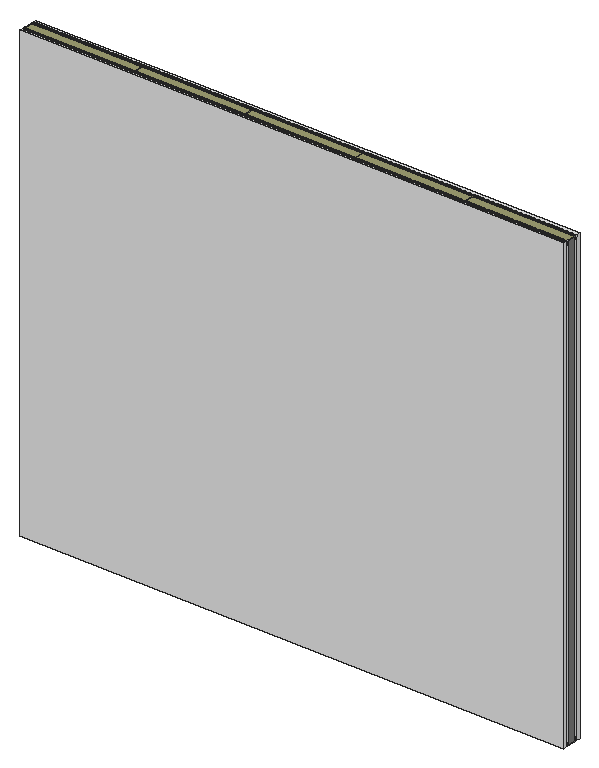
Revit family "Wall system Plasterboard - Rigislab (STC 44_Uvalue 0.56)", category Structural Stiffeners, Revit 2020
Family settings
  OmniClass Number = 23.25.30.11.27
  OmniClass Title = Vibration and Earthquake Controls
  Cut with Voids When Loaded = No
  Shared = No
Parameters (values of type "STC 44(Plasterboard)")
  U-Value (W/m2k) = "0.56"
  U Value Report = ""
  Type of Insulation = "Glass Mineral Wool Semi-rigid slab"
  Total System Thickness-mm = 96 mm
  Thermal R Value = 1.4
  Thermal K Value = 0.348
  System Description = "1. Gypsum Plasterboard-16mm\r\n2. Ecowool Rigislab 50mm x 20kg/m3\r\n3. Stud 64mm\r\n4. Gypsum Plasterboard-16mm"
  Sustainability - Same documentation for all selection = ""
  SubW [instance] = roundup([built-in parameter 1001306] / 609 mm) * 609 mm  # 3045 mm
  SubL [instance] = if([built-in parameter 1001306] > 1218 mm, No Insulation * 609 mm, if([built-in parameter 1001306] > 609 mm, 609 mm, if([built-in parameter 1001306] > 0 mm, 0 mm, No Insulation * 609 mm))) + 1 mm  # 2437 mm
  STC in dB = 44
  STC Report = ""
  STC No = "44"
  Remarks = "Recommended for drywall partition applications where some acoustic performance\r\nare required. Such as office & commercial environment"
  No Metal Stud [instance] = ([built-in parameter 1001306] / [Metal Stud Spacer (mm)])  # 5
  No Insulation [instance] = roundup(SubW / 609 mm) - 1  # 4
  Metal Stud Width = 64 mm
  Metal Stud Spacer (mm) = 609 mm
  Material Specification = "Ecowool Brownie RigiSlab"
  Manufacturer = "PGF Insulation Sdn. Bhd."
  MSDS = ""
  built-in parameter 1001306 [instance] = 3000 mm
  Insulation Length (mm) = 609 mm
  Insulation Thickness (mm) = 50 mm
  Installation and Workmanship- Same for all the system = ""
  Height Wall (mm) = 2500 mm
  Handling and Storage- Same for all system = ""
  Gypsum Thickness (mm) = 16 mm
  Finish = BROWNIE RigiSlab
  FAQ- Same for all System = ""
  ECOWOOL Product thickness in mm = "50"
  Description = "Ecowool Rigislab is semi-rigid or rigid slabs of non-combustible, water repellent, glass mineral wool. They are designed to suit standard dry wall, ensuring a closed joint with adjacent slabs."
  Density = 20.00 kg/m³
  Board Material = Plaster Board
  Board 2 = yes
  Board 1 = yes
  AutoCad Drawing = ""
Reference planes
  plane 1 "Center (Front/Back)": y = -12.5
  plane 2: z = 0
  plane 3 "Left": x = 0
  plane 4 "Right": x = 3000
  plane 5: z = 2500
  plane 6: x = 2437
  plane 7: x = 3046
Forms (mm)
  Extrusion 1, solid, material "BROWNIE RigiSlab" <- "Finish"
    sketch origin (0, 0, 0) x (1, 0, 0) y (0, 1, 0)
      loop
        line (2437, 12.5) -> (2437, -37.5) -> (3046, -37.5) -> (3046, 12.5) -> (2437, 12.5)
    from 0 to 2500
  Extrusion 2, void
    sketch origin (0, 0, 0) x (1, 0, 0) y (0, 1, 0)
      loop
        line (2999, 12.5) -> (2999, -37.5) -> (3046, -37.5) -> (3046, 12.5) -> (2999, 12.5)
    from -45.694 to 2779.923
Cuts and joins
  Extrusion 2 cuts Extrusion 1
Lines and regions (mm)
  reference lines
    curve 1: line (0, -12.5, 0) -> (3000, -12.5, 0)
Dimensions and locks
  "built-in parameter 1001306": plane 3 "Left" to plane 4 "Right"
  "Height Wall (mm)": plane 5 to level
  equal spacing: group 1, group 2, group 3, group 4, group 5  (x3)
  "Metal Stud Spacer (mm)": plane 3 "Left" to nested 3
  "SubL": plane 3 "Left" to plane 6
  locked: plane 6 to plane 7 at 609
  equal spacing: Extrusion 1 sketch curve, plane 1 "Center (Front/Back)", Extrusion 1 sketch curve
  "Insulation Thickness (mm)": Extrusion 1 sketch curve to Extrusion 1 sketch curve
  equal spacing: Extrusion 1, plane 1 "Center (Front/Back)", Extrusion 2 sketch curve
  "Insulation Thickness (mm)": Extrusion 2 sketch curve to Extrusion 2 sketch curve
  locked: Extrusion 2 sketch curve to plane 4 "Right" at 1
  plane 4 "Right" to plane 7 = 46 mm
  plane 6 to plane 4 "Right" = 563 mm
  equal spacing: group 6, group 7, group 8, group 9  (x3)
  equal spacing: Extrusion 2 sketch curve, Extrusion 2 sketch curve, nested 1
  aligned and locked: plane 4 "Right" to curve 1
  aligned and locked: plane 1 "Center (Front/Back)" to curve 1
  aligned and locked: plane 3 "Left" to curve 1
  aligned and locked: plane 3 "Left" to nested 1
  aligned and locked: plane 4 "Right" to nested 1
  aligned and locked: plane 5 to nested 2
  aligned and locked: plane 3 "Left" to nested 6
  aligned and locked: nested 8 to plane 4 "Right"
  aligned and locked: plane 1 "Center (Front/Back)" to nested 1
  aligned and locked: plane 1 "Center (Front/Back)" to nested 2
  aligned and locked: plane 1 "Center (Front/Back)" to nested 6
  aligned and locked: nested 8 to plane 1 "Center (Front/Back)"
  aligned and locked: nested 2 to nested 10
  aligned and locked: plane 1 "Center (Front/Back)" to nested 10
  aligned and locked: plane 7 to Extrusion 1 sketch curve
  aligned and locked: Extrusion 1 sketch curve to plane 6
  aligned and locked: plane 5 to Extrusion 1
  aligned and locked: Extrusion 1 to level
Automatic sketch dimensions
  Extrusion 2 sketch curve to plane 7 = 0 mm
Nested families
  nested 1: "Gypsum Plasterboard" at (0, -12.5, 0), type "Gypsum Plasterboard"
    with built-in parameter 1001306 3000 mm
  nested 2: "Metal Stud" at (0, -12.5, 0), type "Metal Stud"
    with Metal Stud Width 64 mm
  nested 3: "Metal Stud" at (609, -12.5, 0), type "Metal Stud"
    with Metal Stud Width 64 mm
  nested 4: "Metal Stud" at (1218, -12.5, 0), type "Metal Stud"
    with Metal Stud Width 64 mm
  nested 5: "Metal Stud" at (1827, -12.5, 0), type "Metal Stud"
    with Metal Stud Width 64 mm
  nested 6: "Metal Runner" at (0, -12.5, 0), type "Metal Runner"
    with Metal Runner Width 50 mm, Length Metal Runner 3000 mm
  nested 7: "Metal Runner" at (0, -12.5, 2500) x (1, 0, 0) z (0, 0, -1), type "Metal Runner"
    with Metal Runner Width 50 mm, Length Metal Runner 3000 mm
  nested 8: "Metal Stud" at (3000, -12.5, 0) x (-1, 0, 0) z (0, 0, 1), type "Metal Stud"
    with Metal Stud Width 64 mm
  nested 9: "Metal Stud" at (2436, -12.5, 0), type "Metal Stud"
    with Metal Stud Width 64 mm
  nested 10: "Insulation Brownie" at (1, -12.5, 0), type "Insulation Brownie"
    with Thickness Insulation 50 mm
  nested 11: "Insulation Brownie" at (610, -12.5, 0), type "Insulation Brownie"
    with Thickness Insulation 50 mm
  nested 12: "Insulation Brownie" at (1219, -12.5, 0), type "Insulation Brownie"
    with Thickness Insulation 50 mm
  nested 13: "Insulation Brownie" at (1828, -12.5, 0), type "Insulation Brownie"
    with Thickness Insulation 50 mm
Definition of nested family "Gypsum Plasterboard"
  Parameters (values of type "Gypsum Plasterboard")
    Platerboard (inner Layer) = 16 mm
    Manufacturer = "Rockwool"
    built-in parameter 1001306 [instance] = 1200 mm
    Insulation Width = 55 mm
    Height Wall = 2500 mm
    Gypsum Thickness = 12.5 mm
    Description = "Double layers wall system - Rigislab 5020"
    Cement Board 2 = yes
    Cement Board 1 = yes
    Board Type = none
  Reference planes
    plane 1 "Center (Front/Back)": y = 0
    plane 2: z = 0
    plane 3 "Left": x = 0
    plane 4 "Right": x = 1200
    plane 5: y = 27.5
    plane 6: y = -27.5
    plane 7: z = 2500
  Forms (mm)
    Sweep 1, solid, material <- "Board Type", visible <- "Cement Board 1"
      path origin (0, 0, 0) x (1, 0, 0) y (0, -1, 0)
        loop
          line (0, 0) -> (1200, 0)
      profile origin (600, 0, 0) x (0, 1, 0) y (0, 0, 1)
        loop
          line (27.5, 2500) -> (27.5, 0) -> (43.5, 0) -> (43.5, 2500) -> (27.5, 2500)
    Sweep 2, solid, material <- "Board Type", visible <- "Cement Board 2"
      path origin (0, 16, 0) x (1, 0, 0) y (0, -1, 0)
        loop
          line (0, 0) -> (1200, 0)
      profile origin (600, 16, 0) x (0, 1, 0) y (0, 0, 1)
        loop
          line (27.5, 2500) -> (27.5, 0) -> (40, 0) -> (40, 2500) -> (27.5, 2500)
    Sweep 3, solid, material <- "Board Type", visible <- "Cement Board 1"
      path origin (0, 0, 0) x (1, 0, 0) y (0, 1, 0)
        loop
          line (0, 0) -> (1200, 0)
      profile origin (600, 0, 0) x (0, 1, 0) y (0, 0, 1)
        loop
          line (-27.5, 2500) -> (-43.5, 2500) -> (-43.5, 0) -> (-27.5, 0) -> (-27.5, 2500)
    Sweep 4, solid, material <- "Board Type", visible <- "Cement Board 2"
      path origin (0, -16, 0) x (1, 0, 0) y (0, 1, 0)
        loop
          line (0, 0) -> (1200, 0)
      profile origin (600, -16, 0) x (0, 1, 0) y (0, 0, 1)
        loop
          line (-27.5, 2500) -> (-40, 2500) -> (-40, 0) -> (-27.5, 0) -> (-27.5, 2500)
  Lines and regions (mm)
    reference lines
      curve 1: line (0, 0, 0) -> (1200, 0, 0)
  Dimensions and locks
    "built-in parameter 1001306": plane 3 "Left" to plane 4 "Right"
    "Insulation Width": plane 6 to plane 5
    "Height Wall": level to plane 7
    "built-in parameter 1001306": Sweep 1 sketch curve to Sweep 1 sketch curve
    "Platerboard (inner Layer)": Sweep 1 sketch curve to Sweep 1 sketch curve
    "built-in parameter 1001306": Sweep 2 sketch curve to Sweep 2 sketch curve
    "Gypsum Thickness": Sweep 2 sketch curve to Sweep 2 sketch curve
    equal spacing: plane 6, plane 1 "Center (Front/Back)", plane 5
    "built-in parameter 1001306": Sweep 3 sketch curve to Sweep 3 sketch curve
    "Platerboard (inner Layer)": Sweep 3 sketch curve to Sweep 3 sketch curve
    "built-in parameter 1001306": Sweep 4 sketch curve to Sweep 4 sketch curve
    "Gypsum Thickness": Sweep 4 sketch curve to Sweep 4 sketch curve
    aligned and locked: plane 4 "Right" to curve 1
    aligned and locked: plane 1 "Center (Front/Back)" to curve 1
    aligned and locked: plane 3 "Left" to curve 1
    aligned and locked: plane 5 to Sweep 1
    aligned and locked: Sweep 2 to Sweep 2
    aligned and locked: Sweep 1 sketch curve to plane 7
    aligned and locked: Sweep 2 sketch curve to plane 7
    aligned and locked: Sweep 2 to Sweep 1
    aligned and locked: Sweep 4 to Sweep 4
    aligned and locked: Sweep 3 to Sweep 4
  Automatic sketch dimensions
    plane 1 "Center (Front/Back)" to Sweep 1 sketch curve = 0 mm
    Sweep 1 sketch curve to plane 3 "Left" = 0 mm
    Sweep 1 sketch curve to level = 0 mm
    Sweep 1 sketch curve to profile plane = 27.5 mm
    Sweep 2 sketch curve to plane 3 "Left" = 0 mm
    Sweep 2 sketch curve to plane 5 = 11.5 mm
    Sweep 2 sketch curve to level = 0 mm
    Sweep 2 sketch curve to profile plane = 27.5 mm
    plane 1 "Center (Front/Back)" to Sweep 3 sketch curve = 0 mm
    Sweep 3 sketch curve to plane 3 "Left" = 0 mm
    Sweep 3 sketch curve to level = 0 mm
    profile plane to Sweep 3 sketch curve = 43.5 mm
    Sweep 3 sketch curve to Sweep 3 sketch curve = 2500 mm
    Sweep 4 sketch curve to plane 3 "Left" = 0 mm
    Sweep 4 sketch curve to plane 6 = 11.5 mm
    Sweep 4 sketch curve to level = 0 mm
    profile plane to Sweep 4 sketch curve = 40 mm
    level to Sweep 4 sketch curve = 2500 mm
Definition of nested family "Metal Stud"
  Parameters (values of type "Metal Stud")
    Metal Stud Width = 50 mm
    Height = 2500 mm
  Reference planes
    plane 1 "Center (Front/Back)": y = 0
    plane 2: z = 0
    plane 3 "Center (Left/Right)": x = 0
    plane 4 "Center L/S": y = 25
    plane 5 "Center L/T": y = -25
    plane 6: z = 1
    plane 7: z = 2500
    plane 8: z = 2499
  Forms (mm)
    Extrusion 1, solid
      sketch origin (0, 0, 0) x (1, 0, 0) y (0, 1, 0)
        loop
          line (0, 25) -> (0, -25) -> (20, -25) -> (20, -24) -> (1, -24) -> (1, 24) -> (20, 24) -> (20, 25) -> (0, 25)
      from 1 to 2499
  Dimensions and locks
    Extrusion 1 sketch curve to Extrusion 1 sketch curve = 1 mm  (x3)
    locked: plane 8 to plane 7 at 1
    plane 1 "Center (Front/Back)" to Extrusion 1 = 25 mm
    "Height": plane 7 to level
    "Metal Stud Width": plane 5 "Center L/T" to plane 4 "Center L/S"
    equal spacing: plane 5 "Center L/T", plane 1 "Center (Front/Back)", plane 4 "Center L/S"
    locked: plane 6 to plane 2 at 1
    aligned and locked: plane 4 "Center L/S" to Extrusion 1
    aligned and locked: plane 5 "Center L/T" to Extrusion 1
    aligned and locked: plane 3 "Center (Left/Right)" to Extrusion 1
    aligned and locked: Extrusion 1 to plane 6
    aligned and locked: plane 8 to Extrusion 1
  Automatic sketch dimensions
    Extrusion 1 sketch curve to plane 3 "Center (Left/Right)" = 0 mm
    plane 4 "Center L/S" to Extrusion 1 sketch curve = 0 mm
    plane 5 "Center L/T" to Extrusion 1 sketch curve = 0 mm
    Extrusion 1 sketch curve to Extrusion 1 sketch curve = 19 mm  (x2)
Definition of nested family "Metal Runner"
  Parameters (values of type "Metal Runner")
    Metal Runner Width = 48 mm
    Length Metal Runner = 2460 mm
    Default Elevation = 1219.2 mm
  Reference planes
    plane 1 "Center (Front/Back)": y = 0
    plane 2: z = 0
    plane 3 "Center (Left/Right)": x = 0
    plane 4 "Center L/S": y = 24
    plane 5 "Center L/T": y = -24
  Forms (mm)
    Extrusion 1, solid
      sketch origin (0, 0, 0) x (0, 1, 0) y (0, 0, 1)
        loop
          line (24, 0) -> (24, 20) -> (23, 20) -> (23, 1) -> (-23, 1) -> (-23, 20) -> (-24, 20) -> (-24, 0) -> (24, 0)
      from 0 to 2460
  Dimensions and locks
    "Metal Runner Width": plane 5 "Center L/T" to plane 4 "Center L/S"
    equal spacing: plane 5 "Center L/T", plane 1 "Center (Front/Back)", plane 4 "Center L/S"
    Extrusion 1 sketch curve to Extrusion 1 sketch curve = 1 mm  (x3)
    "Length Metal Runner": Extrusion 1 to Extrusion 1
    aligned and locked: plane 4 "Center L/S" to Extrusion 1 sketch curve
    aligned and locked: Extrusion 1 sketch curve to level
    aligned and locked: plane 5 "Center L/T" to Extrusion 1 sketch curve
  Automatic sketch dimensions
    Extrusion 1 sketch curve to Extrusion 1 sketch curve = 19 mm  (x2)
Definition of nested family "Insulation Brownie"
  Parameters (values of type "Insulation Brownie")
    Thickness Insulation = 75 mm
    Length of Insulation = 609 mm
    Height of Insulation = 2500 mm
    Finish = none
  Reference planes
    plane 1 "Center (Front/Back)": y = 0
    plane 2: z = 0
    plane 3 "Center (Left/Right)": x = 0
    plane 4: z = 2500
    plane 5: y = 37.5
    plane 6: y = -37.5
  Forms (mm)
    Sweep 1, solid, material <- "Finish"
      path origin (0, 0, 0) x (1, 0, 0) y (0, 1, 0)
        loop
          line (0, 0) -> (609, 0)
      profile origin (304.5, 0, 0) x (0, 1, 0) y (0, 0, 1)
        loop
          line (37.5, 2500) -> (-37.5, 2500) -> (-37.5, 0) -> (37.5, 0) -> (37.5, 2500)
  Dimensions and locks
    "Length of Insulation": Sweep 1 sketch curve to Sweep 1 sketch curve
    "Height of Insulation": plane 4 to level
    equal spacing: plane 5, plane 1 "Center (Front/Back)", plane 6
    "Thickness Insulation": plane 5 to plane 6
    aligned and locked: plane 3 "Center (Left/Right)" to Sweep 1 sketch curve
    aligned and locked: plane 5 to Sweep 1 sketch curve
    aligned and locked: Sweep 1 sketch curve to plane 6
  Automatic sketch dimensions
    plane 1 "Center (Front/Back)" to Sweep 1 sketch curve = 0 mm
    Sweep 1 sketch curve to level = 0 mm
    Sweep 1 sketch curve to plane 4 = 0 mm
